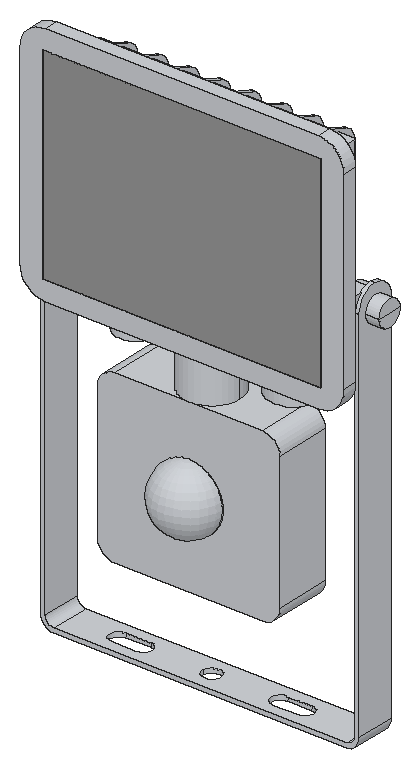
Revit family "0047119", category Lighting Fixtures, Revit 2017
Family settings
  Round Connector Dimension = Use Diameter
  Part Type = Normal
  OmniClass Number = 23.80.70.00
  OmniClass Title = Lighting
  Work Plane-Based = No
  Always vertical = Yes
  Cut with Voids When Loaded = No
  Light Source = Yes
  Shared = No
  Room Calculation Point = No
Parameters (values of type "0047119 SYLFLOOD IP54 PIR 2000LM 840 BLACK")
  Weight = "2.85 kg"
  Wattage = 19 W
  WarrantyStartDate [instance] = "n/a"
  WarrantyGuarantorParts = "n/a"
  WarrantyDurationUnit = "n/a"
  WarrantyDurationParts = "n/a"
  WarrantyDescription = "n/a"
  built-in parameter 1150110 = 1 (stored number, unit not read)
  Voltage = 0 V
  URL = "http://www.sylvania-lighting.com"
  TypeName = "SylFlood IP54 PIR 2000LM 840 Black"
  built-in parameter 1114217 = 1 (stored number, unit not read)
  Tilt Angle = 0.00°
  built-in parameter 1150109 = 1 (stored number, unit not read)
  built-in parameter 1150134 = 12
  built-in parameter 1150113 = 1 (stored number, unit not read)
  SerialNumber [instance] = "n/a"
  PowerFactor = 0.9
  PowerConsumption = "19.0 W"
  Photometric Web File = "0047119.ies"
  NominalWidth = 0 mm
  NominalLength = 190 mm
  NominalHeight = 52 mm
  Name = "SylFlood IP54 PIR 2000LM 840 Black"
  ModelReference = "SylFlood IP54 PIR 2000LM 840 Black"
  ModelNumber = "0047119"
  Model = "SylFlood IP54 PIR 2000LM 840 Black"
  Material_4_FEILO = none
  Material_3_FEILO = none
  Material_2_FEILO = Default New Material
  Material_1_FEILO = none
  Material = "n/a"
  ManufacturerName = "Feilo Sylvania"
  Manufacturer = "Feilo Sylvania"
  LuminousEfficacy = "105 lm/W"
  Lumens = 1995 lm
  LuminaireType = ""
  built-in parameter 1150115 = 1 (stored number, unit not read)
  built-in parameter 1150105 = -1551312 (stored number, unit not read)
  LightOutputRatio = "n/a"
  built-in parameter 1150137 = (empty or 0)
  built-in parameter 1150139 = (empty or 0)
  LampsType = "LED"
  LampNominalLuminous = "2000 lm"
  LampMacAdamStep = "5"
  LampColourTemperature = "4000 K"
  LampColourRenderingIndex = "80"
  built-in parameter 1150112 = 1 (stored number, unit not read)
  built-in parameter 1150114 = 1 (stored number, unit not read)
  Lamp = "LED"
  LUM_WIDTH_SYL = 57 mm  # constant formula
  LUM_HEIGHT_SYL = 43 mm  # constant formula
  LUM_EXTR_ST_SYL = -5 mm
  LUM_EXTR_END_SYL = 0 mm
  LUM_DEPTH_SYL = 28 mm
  Keynote = "16500"
  InstallationDate [instance] = "n/a"
  InputVoltage = "n/a"
  InputNominalFrequency = "n/a"
  built-in parameter 1150132 = 2
  built-in parameter 1150102 = (empty or 0)
  built-in parameter 1150138 = (empty or 0)
  built-in parameter 1150107 = 4000 (stored number, unit not read)
  IngressProtection = "IP54"
  ImpactProtectionIndex = "IK06"
  built-in parameter 1150106 = -15513.1 (stored number, unit not read)
  IfcExportType = "IfcLightFixtureType"
  IfcExportAs = "IfcLightFixtureType"
  ElectricShockClassification = "Class I"
  built-in parameter 1150104 = 9.7548 (stored number, unit not read)
  DocumentationLiterature = "http://www.sylvania-lighting.com/product/en-int/products/0047119"
  DimmingControlOptions = "n/a"
  Dimming Lamp Color Temperature Shift = <None>
  DIF_WIDTH_SYL = 49 mm  # constant formula
  DIF_HEIGHT_SYL = 36 mm  # constant formula
  CreatedOn = "44168"
  CreatedBy = "@sylvania-lighting.com"
  Color Filter = 16777215
  ClassificationValue = "EF_70_80"
  ClassificationName = "Uniclass2015"
  CABLE_SIDE_DIST_SYL = 28.5 mm
  CABLE_LENGTH_SYL = 5 mm
  CABLE_FRONT_DIST_SYL = 17.5 mm
  CABLES_DIST_SYL = 56 mm
  BarCode [instance] = "n/a"
  built-in parameter 1114218 = 1 (stored number, unit not read)
  B_RAIL_R_DIST_SYL = 7 mm
  B_RAIL_HEIGHT_SYL = 27 mm
  B_RAIL_DEPTH_SYL = 44 mm
  B_RAIL_CHAMFER_SYL = 7 mm
  BRACKET_HOLDER_WIDTH_SYL = 12 mm
  BRACKET_HOLDER_HEIGHT_SYL = 17 mm
  BRACKET_HOLDER_DIST_SIDE_SYL = 2.8 mm
  BRACKET_HOLDER_DIST_BOTT_SYL = 22 mm
  BRACKET_HOLDER_DEPTH_SYL = 5.7 mm
  BOX_WIDTH_SYL = 45.5 mm
  BOX_TOP_DIST_SYL = 10.5 mm
  BOX_DEPTH_SYL = 14 mm
  BOX_BOTT_DIST_SYL = 28 mm
  BACK_RAIL_WIDTH_SYL = 1.4 mm
  BACK_RAIL_SIDE_DIST_SYL = 18 mm
  BACK_PL_EXTR_ST_SYL = -6 mm
  BACK_PL_EXTR_ST(-1)_SYL = BACK_PL_EXTR_ST_SYL * (-1)  # 6 mm
  BACK_PL_EXTR_END_SYL = -3 mm
  BACK_PL_EXTR_END(-1)_SYL = BACK_PL_EXTR_END_SYL * (-1)  # 3 mm
  built-in parameter 1150133 = 10 (stored number, unit not read)
  AssetType = "Fixed"
  AssetIdentifier [instance] = "n/a"
  Assembly Code = "D5020200"
  Apparent Load = 19 VA
  0_18W_SYL = yes
Types (4, lengths in mm): name | TypeName | built-in parameter 1150134 | Photometric Web File | Name | ModelReference | ModelNumber | Model | LuminousEfficacy | Lumens | built-in parameter 1150105 | LampNominalLuminous | LampColourTemperature | built-in parameter 1150107 | built-in parameter 1150106 | built-in parameter 1150104 | DocumentationLiterature
  0047121 SYLFLOOD IP54 PIR 2000LM 840 WHITE | "SylFlood IP54 PIR 2000LM 840 White" | 12 | "0047121.ies" | "SylFlood IP54 PIR 2000LM 840 White" | "SylFlood IP54 PIR 2000LM 840 White" | "0047121" | "SylFlood IP54 PIR 2000LM 840 White" | "105 lm/W" | 1995 lm | -1551312 (stored number, unit not read) | "2000 lm" | "4000 K" | 4000 (stored number, unit not read) | -15513.1 (stored number, unit not read) | 9.7548 (stored number, unit not read) | "http://www.sylvania-lighting.com/product/en-int/products/0047121"
  0047120 SYLFLOOD IP54 PIR 1850LM 830 WHITE | "SylFlood IP54 PIR 1850LM 830 White" | (empty or 0) | "0047120.ies" | "SylFlood IP54 PIR 1850LM 830 White" | "SylFlood IP54 PIR 1850LM 830 White" | "0047120" | "SylFlood IP54 PIR 1850LM 830 White" | "97 lm/W" | 1843 lm | -1325633 (stored number, unit not read) | "1850 lm" | "3000 K" | 3000 (stored number, unit not read) | -13256.3 (stored number, unit not read) | 9.0116 (stored number, unit not read) | "http://www.sylvania-lighting.com/product/en-int/products/0047120"
  0047119 SYLFLOOD IP54 PIR 2000LM 840 BLACK | "SylFlood IP54 PIR 2000LM 840 Black" | 12 | "0047119.ies" | "SylFlood IP54 PIR 2000LM 840 Black" | "SylFlood IP54 PIR 2000LM 840 Black" | "0047119" | "SylFlood IP54 PIR 2000LM 840 Black" | "105 lm/W" | 1995 lm | -1551312 (stored number, unit not read) | "2000 lm" | "4000 K" | 4000 (stored number, unit not read) | -15513.1 (stored number, unit not read) | 9.7548 (stored number, unit not read) | "http://www.sylvania-lighting.com/product/en-int/products/0047119"
  0047118 SYLFLOOD IP54 PIR 1850LM 830 BLACK | "SylFlood IP54 PIR 1850LM 830 Black" | (empty or 0) | "0047118.ies" | "SylFlood IP54 PIR 1850LM 830 Black" | "SylFlood IP54 PIR 1850LM 830 Black" | "0047118" | "SylFlood IP54 PIR 1850LM 830 Black" | "97 lm/W" | 1843 lm | -1325633 (stored number, unit not read) | "1850 lm" | "3000 K" | 3000 (stored number, unit not read) | -13256.3 (stored number, unit not read) | 9.0116 (stored number, unit not read) | "http://www.sylvania-lighting.com/product/en-int/products/0047118"
Reference planes
  plane 1 "Light Source Axis (F/B)": y = 0
  plane 2: z = 0
  plane 3 "Light Source Axis (L/R)": x = 0
  plane 4 "Light Source Elevation": z = -0.469
  plane 5: x = 57
  plane 6: x = -57
  plane 7: z = 43
  plane 8: z = -43
  plane 9: x = 49
  plane 10: x = -49
  plane 11: z = 36
  plane 12: z = -36
  plane 13: y = 6
  plane 14: y = 3
  plane 15: x = -45.5
  plane 16: x = 45.5
  plane 17: y = 20
  plane 18: z = 32.5
  plane 19: z = -15
  plane 20: y = 28
  plane 21: z = -21
  plane 22: z = -9
  plane 23: y = 21
  plane 24: x = 54.2
  plane 25: x = 39.5
  plane 26: x = 28.5
  plane 27: x = -27.5
  plane 28: y = 14
  plane 29: z = -38
  plane 30: y = 27
  plane 31: z = 29
  plane 32: z = 22
  plane 33: x = 39
  plane 34: x = 37.6
  plane 35: x = 30.6
  plane 36: x = 20.8
  plane 37: x = 13.8
  plane 38: x = 12.4
  plane 39: x = 5.4
  plane 40: x = 4
  plane 41: z = -50.4
Forms (mm)
  Extrusion 1, solid
    sketch origin (0, 0, 0) x (1, 0, 0) y (0, 0, 1)
      loop
        arc (-48, 43) -> (-54.364, 40.364) -> (-57, 34) r 9
        line (-57, 34) -> (-57, -34)
        arc (-57, -34) -> (-54.364, -40.364) -> (-48, -43) r 9
        line (-48, -43) -> (48, -43)
        arc (48, -43) -> (54.364, -40.364) -> (57, -34) r 9
        line (57, -34) -> (57, 34)
        arc (57, 34) -> (54.364, 40.364) -> (48, 43) r 9
        line (48, 43) -> (-48, 43)
      loop
        line (-49, 36) -> (-49, -36) -> (49, -36) -> (49, 36) -> (-49, 36)
    from -5 <- "LUM_EXTR_ST_SYL" to 0 <- "LUM_EXTR_END_SYL"
  Extrusion 2, solid, material "Default New Material" <- "Material_2_FEILO"
    sketch origin (0, 0, 0) x (1, 0, 0) y (0, 0, 1)
      loop
        line (-49, 36) -> (-49, -36) -> (49, -36) -> (49, 36) -> (-49, 36)
    from -3 <- "BACK_PL_EXTR_END_SYL" to 0 <- "LUM_EXTR_END_SYL"
  Extrusion 3, solid
    sketch origin (0, 0, 0) x (1, 0, 0) y (0, 0, 1)
      loop
        line (49, 36) -> (-49, 36) -> (-49, -36) -> (49, -36) -> (49, 36)
    from -6 <- "BACK_PL_EXTR_ST_SYL" to -3 <- "BACK_PL_EXTR_END_SYL"
  Extrusion 4, solid
    sketch origin (0, 0, 0) x (1, 0, 0) y (0, 1, 0)
      loop
        arc (-44.5, 20) -> (-45.207, 19.707) -> (-45.5, 19) r 1
        line (-45.5, 19) -> (-45.5, 6) -> (45.5, 6) -> (45.5, 19)
        arc (45.5, 19) -> (45.207, 19.707) -> (44.5, 20) r 1
        line (44.5, 20) -> (-44.5, 20)
    from -15 to 32.5
  Extrusion 5, solid
    sketch origin (0, 0, 0) x (1, 0, 0) y (0, 1, 0)
      loop
        arc (-31.5, 28) -> (-41.399, 23.899) -> (-45.5, 14) r 14
        line (-45.5, 14) -> (-45.5, 6) -> (45.5, 6) -> (45.5, 14)
        arc (45.5, 14) -> (41.399, 23.899) -> (31.5, 28) r 14
        line (31.5, 28) -> (-31.5, 28)
    from -36 to -15
  Extrusion 6, solid
    sketch origin (0, 0, 0) x (0, 1, 0) y (0, 0, 1)
      loop
        line (5, -9) -> (5, -21) -> (15, -21)
        arc (15, -21) -> (19.243, -19.243) -> (21, -15) r 6
        arc (21, -15) -> (19.243, -10.757) -> (15, -9) r 6
        line (15, -9) -> (5, -9)
      loop
        circle (15, -15) r 2.5
    from 49 to 54.502
  Extrusion 7, solid
    sketch origin (0, 0, 0) x (1, 0, 0) y (0, 1, 0)
      loop
        circle (-27.5, 14) r 7
      loop
        circle (28.5, 14) r 9
    from -50.4 to -36
  Extrusion 8, solid
    sketch origin (1.583, 5.639, -10.469) x (0, 1, 0) y (0, 0, -1)
      loop
        line (-0.625, 4.531) -> (-0.625, -22) -> (-0.625, -49.48) -> (18.047, -42.313)
        arc (18.047, -42.313) -> (20.09, -40.922) -> (21.299, -38.767) r 5.397
        line (21.299, -38.767) -> (21.299, 4.531) -> (-0.625, 4.531)
    from -37.417 to -36.017
  Extrusion 9, solid
    sketch origin (0, 0, 0) x (0, 1, 0) y (0, 0, -1)
      loop
        line (5, 9) -> (15, 9)
        arc (15, 9) -> (19.243, 10.757) -> (21, 15) r 6
        arc (21, 15) -> (19.243, 19.243) -> (15, 21) r 6
        line (15, 21) -> (5, 21) -> (5, 9)
      loop
        circle (15, 15) r 2.5
    from 49 to 54.502
  Extrusion 10, solid
    sketch origin (-1.583, 5.639, -10.469) x (0, 1, 0) y (0, 0, 1)
      loop
        line (-0.625, -4.531) -> (21.299, -4.531) -> (21.299, 38.767)
        arc (21.299, 38.767) -> (20.09, 40.922) -> (18.047, 42.313) r 5.397
        line (18.047, 42.313) -> (-0.625, 49.48) -> (-0.625, 22) -> (-0.625, -4.531)
    from -37.417 to -36.017
  Extrusion 11, solid
    sketch origin (-75.017, 5.639, -10.469) x (0, 1, 0) y (0, 0, -1)
      loop
        line (-0.625, 4.531) -> (-0.625, -22) -> (-0.625, -49.48) -> (18.047, -42.313)
        arc (18.047, -42.313) -> (20.09, -40.922) -> (21.299, -38.767) r 5.397
        line (21.299, -38.767) -> (21.299, 4.531) -> (-0.625, 4.531)
    from -37.417 to -36.017
  Extrusion 12, solid
    sketch origin (-9.36, 5.639, -10.469) x (0, 1, 0) y (0, 0, -1)
      loop
        line (-0.625, 4.531) -> (-0.625, -22) -> (-0.625, -49.48) -> (18.047, -42.313)
        arc (18.047, -42.313) -> (20.09, -40.922) -> (21.299, -38.767) r 5.397
        line (21.299, -38.767) -> (21.299, 4.531) -> (-0.625, 4.531)
    from -37.417 to -36.017
  Extrusion 13, solid
    sketch origin (-20.302, 5.639, -10.469) x (0, 1, 0) y (0, 0, -1)
      loop
        line (-0.625, 4.531) -> (-0.625, -22) -> (-0.625, -49.48) -> (18.047, -42.313)
        arc (18.047, -42.313) -> (20.09, -40.922) -> (21.299, -38.767) r 5.397
        line (21.299, -38.767) -> (21.299, 4.531) -> (-0.625, 4.531)
    from -37.417 to -36.017
  Extrusion 14, solid
    sketch origin (-31.245, 5.639, -10.469) x (0, 1, 0) y (0, 0, -1)
      loop
        line (-0.625, 4.531) -> (-0.625, -22) -> (-0.625, -49.48) -> (18.047, -42.313)
        arc (18.047, -42.313) -> (20.09, -40.922) -> (21.299, -38.767) r 5.397
        line (21.299, -38.767) -> (21.299, 4.531) -> (-0.625, 4.531)
    from -37.417 to -36.017
  Extrusion 15, solid
    sketch origin (-42.188, 5.639, -10.469) x (0, 1, 0) y (0, 0, -1)
      loop
        line (-0.625, 4.531) -> (-0.625, -22) -> (-0.625, -49.48) -> (18.047, -42.313)
        arc (18.047, -42.313) -> (20.09, -40.922) -> (21.299, -38.767) r 5.397
        line (21.299, -38.767) -> (21.299, 4.531) -> (-0.625, 4.531)
    from -37.417 to -36.017
  Extrusion 16, solid
    sketch origin (-53.131, 5.639, -10.469) x (0, 1, 0) y (0, 0, -1)
      loop
        line (-0.625, 4.531) -> (-0.625, -22) -> (-0.625, -49.48) -> (18.047, -42.313)
        arc (18.047, -42.313) -> (20.09, -40.922) -> (21.299, -38.767) r 5.397
        line (21.299, -38.767) -> (21.299, 4.531) -> (-0.625, 4.531)
    from -37.417 to -36.017
  Extrusion 17, solid
    sketch origin (-64.074, 5.639, -10.469) x (0, 1, 0) y (0, 0, -1)
      loop
        line (-0.625, 4.531) -> (-0.625, -22) -> (-0.625, -49.48) -> (18.047, -42.313)
        arc (18.047, -42.313) -> (20.09, -40.922) -> (21.299, -38.767) r 5.397
        line (21.299, -38.767) -> (21.299, 4.531) -> (-0.625, 4.531)
    from -37.417 to -36.017
Cuts and joins
  joined: Extrusion 1, Extrusion 3, Extrusion 4, Extrusion 5
Dimensions and locks
  "LUM_WIDTH_SYL": plane 5 to plane 3 "Light Source Axis (L/R)" to plane 6
  "LUM_HEIGHT_SYL": plane 7 to plane 2 to plane 8
  "DIF_WIDTH_SYL": plane 9 to plane 3 "Light Source Axis (L/R)" to plane 10
  "DIF_HEIGHT_SYL": plane 11 to plane 2 to plane 12
  "BACK_PL_EXTR_ST(-1)_SYL": plane 1 "Light Source Axis (F/B)" to plane 13
  "BACK_PL_EXTR_END(-1)_SYL": plane 1 "Light Source Axis (F/B)" to plane 14
  "BOX_WIDTH_SYL": plane 15 to plane 3 "Light Source Axis (L/R)" to plane 16
  "BOX_DEPTH_SYL": plane 13 to plane 17
  "BOX_TOP_DIST_SYL": plane 18 to plane 7
  "BOX_BOTT_DIST_SYL": plane 8 to plane 19
  "LUM_DEPTH_SYL": plane 1 "Light Source Axis (F/B)" to plane 20
  "BRACKET_HOLDER_DIST_BOTT_SYL": plane 21 to plane 8
  "BRACKET_HOLDER_WIDTH_SYL": plane 22 to plane 21
  cut or joined group of Extrusion 1, Extrusion 3, Extrusion 4, Extrusion 5 to plane 23 = 15 mm
  locked: cut or joined group of Extrusion 1, Extrusion 3, Extrusion 4, Extrusion 5 to plane 24 at 2.8
  plane 25 to plane 24 = 14.7 mm
  "CABLES_DIST_SYL": plane 27 to plane 26
  "CABLE_SIDE_DIST_SYL": plane 26 to plane 5
  cut or joined group of Extrusion 1, Extrusion 3, Extrusion 4, Extrusion 5 to plane 28 = 14 mm
  locked: cut or joined group of Extrusion 1, Extrusion 3, Extrusion 4, Extrusion 5 to plane 29 at 5
  "B_RAIL_HEIGHT_SYL": plane 30 to plane 1 "Light Source Axis (F/B)"
  "B_RAIL_DEPTH_SYL": plane 31 to plane 19
  "B_RAIL_CHAMFER_SYL": plane 31 to plane 32
  "BACK_RAIL_SIDE_DIST_SYL": plane 5 to plane 33
  "BACK_RAIL_WIDTH_SYL": plane 33 to plane 34
  "B_RAIL_R_DIST_SYL": plane 34 to plane 35
  "B_RAIL_R_DIST_SYL": plane 36 to plane 37
  "BACK_RAIL_WIDTH_SYL": plane 37 to plane 38
  "BACK_RAIL_WIDTH_SYL": plane 39 to plane 40
  "B_RAIL_R_DIST_SYL": plane 38 to plane 39
  plane 35 to plane 26 = 2.1 mm
  equal spacing: group 2, group 8, group 7, group 6, group 5, group 4, group 3, group 1
  equal spacing: group 1, group 3, group 4, group 5, group 6, group 7, group 8, group 2  (x2)
  aligned and locked: plane 4 "Light Source Elevation" to imposter light
  aligned and locked: level to plane 2
  aligned and locked: Extrusion 1 sketch curve to plane 7
  aligned and locked: plane 6 to Extrusion 1 sketch curve
  aligned and locked: plane 8 to Extrusion 1 sketch curve
  aligned and locked: Extrusion 1 sketch curve to plane 5
  aligned and locked: Extrusion 1 sketch curve to plane 11
  aligned and locked: plane 10 to Extrusion 1 sketch curve
  aligned and locked: plane 12 to Extrusion 1 sketch curve
  aligned and locked: Extrusion 1 sketch curve to plane 9
  aligned and locked: Extrusion 2 sketch curve to Extrusion 1  (x4)
  aligned and locked: Extrusion 3 sketch curve to Extrusion 1  (x4)
  aligned and locked: Extrusion 3 to Extrusion 2
  aligned and locked: plane 17 to Extrusion 4 sketch curve
  aligned and locked: plane 15 to Extrusion 4 sketch curve
  aligned and locked: Extrusion 4 sketch curve to plane 13
  aligned and locked: Extrusion 4 sketch curve to plane 16
  aligned and locked: plane 18 to Extrusion 4
  aligned and locked: Extrusion 4 to plane 19
  aligned and locked: plane 20 to Extrusion 5 sketch curve
  aligned and locked: plane 15 to Extrusion 5 sketch curve
  aligned and locked: cut or joined group of Extrusion 1, Extrusion 3, Extrusion 4, Extrusion 5 to Extrusion 5 sketch curve
  aligned and locked: Extrusion 5 sketch curve to cut or joined group of Extrusion 1, Extrusion 3, Extrusion 4, Extrusion 5
  aligned and locked: plane 19 to Extrusion 5
  aligned and locked: Extrusion 5 to plane 12
  aligned and locked: Extrusion 6 sketch curve to plane 22
  aligned and locked: plane 21 to Extrusion 6 sketch curve
  aligned and locked: Extrusion 7 to Extrusion 2
  aligned and locked: Extrusion 6 to cut or joined group of Extrusion 1, Extrusion 3, Extrusion 4, Extrusion 5
  aligned and locked: plane 33 to Extrusion 8
  aligned and locked: Extrusion 8 to plane 34
  aligned and locked: Extrusion 7 to plane 41
Automatic sketch dimensions
  plane 10 to Extrusion 1 sketch curve = 1 mm  (x2)
  Extrusion 1 sketch curve to plane 25 = 8.5 mm  (x2)
  plane 15 to Extrusion 4 sketch curve = 1 mm
  Extrusion 4 sketch curve to plane 16 = 1 mm
  Extrusion 5 sketch curve to plane 15 = 0 mm
  Extrusion 5 sketch curve to plane 28 = 0 mm  (x2)
  Extrusion 6 sketch curve to Extrusion 6 sketch curve = 0 mm  (x5)
  Extrusion 6 sketch curve to plane 23 = 0 mm
  plane 13 to Extrusion 6 sketch curve = 1 mm
  Extrusion 7 sketch curve to plane 27 = 0 mm
  Extrusion 7 sketch curve to plane 26 = 0 mm
  Extrusion 7 sketch curve to plane 28 = 0 mm  (x2)
  Extrusion 9 sketch curve to Extrusion 9 sketch curve = 0 mm  (x6)
  Extrusion 9 sketch curve to plane 21 = 0 mm
  Extrusion 9 sketch curve to plane 22 = 0 mm
  Extrusion 9 sketch curve to plane 23 = 0 mm
  plane 13 to Extrusion 9 sketch curve = 1 mm
  Extrusion 10 sketch curve to plane 19 = 0 mm
  plane 13 to Extrusion 10 sketch curve = 0.986 mm
  Extrusion 10 sketch curve to plane 23 = 0.751 mm
  Extrusion 10 sketch curve to plane 18 = 0.656 mm
  Extrusion 10 sketch curve to plane 23 = 2.685 mm
  plane 30 to Extrusion 10 sketch curve = 0.062 mm
  Extrusion 10 sketch curve to plane 32 = 10.469 mm
  Extrusion 10 sketch curve to plane 31 = 2.195 mm
  Extrusion 8 sketch curve to Extrusion 8 sketch curve = 16.737 mm
  Extrusion 8 sketch curve to Extrusion 8 sketch curve = 1.934 mm
  Extrusion 8 sketch curve to Extrusion 8 sketch curve = 21.924 mm
  Extrusion 8 sketch curve to Extrusion 8 sketch curve = 7.167 mm
  Extrusion 8 sketch curve to Extrusion 8 sketch curve = 15.274 mm
  Extrusion 8 sketch curve to Extrusion 8 sketch curve = 26.531 mm
  Extrusion 11 sketch curve to Extrusion 11 sketch curve = 16.737 mm
  Extrusion 11 sketch curve to Extrusion 11 sketch curve = 1.934 mm
  Extrusion 11 sketch curve to Extrusion 11 sketch curve = 21.924 mm
  Extrusion 11 sketch curve to Extrusion 11 sketch curve = 7.167 mm
  Extrusion 11 sketch curve to Extrusion 11 sketch curve = 15.274 mm
  Extrusion 11 sketch curve to Extrusion 11 sketch curve = 26.531 mm
  Extrusion 12 sketch curve to Extrusion 12 sketch curve = 16.737 mm
  Extrusion 12 sketch curve to Extrusion 12 sketch curve = 1.934 mm
  Extrusion 12 sketch curve to Extrusion 12 sketch curve = 21.924 mm
  Extrusion 12 sketch curve to Extrusion 12 sketch curve = 7.167 mm
  Extrusion 12 sketch curve to Extrusion 12 sketch curve = 15.274 mm
  Extrusion 12 sketch curve to Extrusion 12 sketch curve = 26.531 mm
  Extrusion 13 sketch curve to Extrusion 13 sketch curve = 16.737 mm
  Extrusion 13 sketch curve to Extrusion 13 sketch curve = 1.934 mm
  Extrusion 13 sketch curve to Extrusion 13 sketch curve = 21.924 mm
  Extrusion 13 sketch curve to Extrusion 13 sketch curve = 7.167 mm
  Extrusion 13 sketch curve to Extrusion 13 sketch curve = 15.274 mm
  Extrusion 13 sketch curve to Extrusion 13 sketch curve = 26.531 mm
  Extrusion 14 sketch curve to Extrusion 14 sketch curve = 16.737 mm
  Extrusion 14 sketch curve to Extrusion 14 sketch curve = 1.934 mm
  Extrusion 14 sketch curve to Extrusion 14 sketch curve = 21.924 mm
  Extrusion 14 sketch curve to Extrusion 14 sketch curve = 7.167 mm
  Extrusion 14 sketch curve to Extrusion 14 sketch curve = 15.274 mm
  Extrusion 14 sketch curve to Extrusion 14 sketch curve = 26.531 mm
  Extrusion 15 sketch curve to Extrusion 15 sketch curve = 16.737 mm
  Extrusion 15 sketch curve to Extrusion 15 sketch curve = 1.934 mm
  Extrusion 15 sketch curve to Extrusion 15 sketch curve = 21.924 mm
  Extrusion 15 sketch curve to Extrusion 15 sketch curve = 7.167 mm
  Extrusion 15 sketch curve to Extrusion 15 sketch curve = 15.274 mm
  Extrusion 15 sketch curve to Extrusion 15 sketch curve = 26.531 mm
  Extrusion 16 sketch curve to Extrusion 16 sketch curve = 16.737 mm
  Extrusion 16 sketch curve to Extrusion 16 sketch curve = 1.934 mm
  Extrusion 16 sketch curve to Extrusion 16 sketch curve = 21.924 mm
  Extrusion 16 sketch curve to Extrusion 16 sketch curve = 7.167 mm
  Extrusion 16 sketch curve to Extrusion 16 sketch curve = 15.274 mm
  Extrusion 16 sketch curve to Extrusion 16 sketch curve = 26.531 mm
  Extrusion 17 sketch curve to Extrusion 17 sketch curve = 16.737 mm
  Extrusion 17 sketch curve to Extrusion 17 sketch curve = 1.934 mm
  Extrusion 17 sketch curve to Extrusion 17 sketch curve = 21.924 mm
  Extrusion 17 sketch curve to Extrusion 17 sketch curve = 7.167 mm
  Extrusion 17 sketch curve to Extrusion 17 sketch curve = 15.274 mm
  Extrusion 17 sketch curve to Extrusion 17 sketch curve = 26.531 mm
  radius of Extrusion 6 sketch curve = 2.5 mm
  radius of Extrusion 7 sketch curve = 7 mm
  radius of Extrusion 7 sketch curve = 9 mm
  radius of Extrusion 9 sketch curve = 2.5 mm
Nested families
  nested 1: "START Flood Flat - 18W_bracket - PIR" at (-1.504, 15, -114.589), type "START Flood Flat - 18W_bracket - PIR"
  nested 2: "PIR" at (0, 2.977, -89.01) x (-1, 0, 0) z (0, 0, 1), type "PIR"
  nested 3: "bolt" at (55.996, 15, -15), type "bolt"
  nested 4: "bolt" at (-56.004, 15, -15) x (-1, 0, 0) z (0, 0, 1), type "bolt"
Definition of nested family "START Flood Flat - 18W_bracket - PIR"
  Parameters (values of type "START Flood Flat - 18W_bracket - PIR")
    WIDTH_SYL = 112 mm
    WIDTH/2_SYL = WIDTH_SYL / 2  # 56 mm
    THICKNESS_SYL = 1.5 mm
    Material_4_SYL = none
    Material_3_SYL = none
    Material_2_SYL = none
    Material_1_SYL = none
    HOLE_DIST_SYL = 8.5 mm
    HOLE2_DIST_SYL = 8 mm
    HEIGHT_SYL = 145 mm
    FILLET_SYL = 7 mm
    DEPTH_2_SYL = -7 mm
    DEPTH_1_SYL = 7 mm
    CUTOUT_DIST_SYL = 24.2 mm
  Reference planes
    plane 1 "Center (Front/Back)": y = 0
    plane 2: z = 0
    plane 3 "Center (Left/Right)": x = 0
    plane 4: x = -54.5
    plane 5: x = 57.5
    plane 6: z = -37.5
    plane 7: z = 107.5
    plane 8: x = -53
    plane 9: z = -36
    plane 10: x = 56
    plane 11: z = 99.5
    plane 12: z = 100.5
    plane 13: x = 24.2
    plane 14: x = -24.2
    plane 15: x = 32.7
    plane 16: x = -32.7
  Forms (mm)
    Extrusion 1, solid
      sketch origin (0, 0, 0) x (1, 0, 0) y (0, 0, 1)
        loop
          arc (-54.5, -33) -> (-53.182, -36.182) -> (-50, -37.5) r 4.5
          line (-50, -37.5) -> (53, -37.5)
          arc (53, -37.5) -> (56.182, -36.182) -> (57.5, -33) r 4.5
          line (57.5, -33) -> (57.5, 107.5) -> (56, 107.5) -> (56, -33)
          arc (56, -33) -> (55.121, -35.121) -> (53, -36) r 3
          line (53, -36) -> (-50, -36)
          arc (-50, -36) -> (-52.121, -35.121) -> (-53, -33) r 3
          line (-53, -33) -> (-53, 107.5) -> (-54.5, 107.5) -> (-54.5, -33)
      from -7 <- "DEPTH_2_SYL" to 7 <- "DEPTH_1_SYL"
    Extrusion 2, void
      sketch origin (0, 0, 0) x (0, 1, 0) y (0, 0, 1)
        loop
          circle (0, 99.5) r 3.15
      from -54.5 to 57.5
    Extrusion 3, void
      sketch origin (0, 0, 0) x (0, 1, 0) y (0, 0, 1)
        loop
          line (7, 100.5) -> (14.83, 113.08) -> (-15.17, 113.08) -> (-7, 100.5)
          arc (-7, 100.5) -> (-4.95, 105.45) -> (0, 107.5) r 7
          arc (0, 107.5) -> (4.95, 105.45) -> (7, 100.5) r 7
      from -54.5 to 57.5
    Extrusion 4, void
      sketch origin (0, 0, 0) x (1, 0, 0) y (0, 1, 0)
        loop
          circle (0, 0) r 3.25
        loop
          arc (-32.7, 3.25) -> (-35.95, 0) -> (-32.7, -3.25) r 3.25
          line (-32.7, -3.25) -> (-24.2, -3.25)
          arc (-24.2, -3.25) -> (-20.95, 0) -> (-24.2, 3.25) r 3.25
          line (-24.2, 3.25) -> (-32.7, 3.25)
        loop
          line (24.2, -3.25) -> (32.7, -3.25)
          arc (32.7, -3.25) -> (35.95, 0) -> (32.7, 3.25) r 3.25
          line (32.7, 3.25) -> (24.2, 3.25)
          arc (24.2, 3.25) -> (20.95, 0) -> (24.2, -3.25) r 3.25
      from -54.767 to -28.006
  Cuts and joins
    Extrusion 2, Extrusion 3, Extrusion 4 cuts Extrusion 1
  Dimensions and locks
    "THICKNESS_SYL": plane 8 to plane 4
    "THICKNESS_SYL": plane 5 to plane 10
    "WIDTH_SYL": plane 5 to plane 4
    "HEIGHT_SYL": plane 7 to plane 6
    "FILLET_SYL": plane 7 to plane 12
    "CUTOUT_DIST_SYL": plane 14 to plane 3 "Center (Left/Right)" to plane 13
    "HOLE_DIST_SYL": plane 16 to plane 14
    "HOLE_DIST_SYL": plane 13 to plane 15
    "HOLE2_DIST_SYL": plane 7 to plane 11
    "WIDTH/2_SYL": plane 3 "Center (Left/Right)" to plane 10
    aligned and locked: level to plane 2
    aligned and locked: plane 4 to Extrusion 1 sketch curve
    aligned and locked: plane 6 to Extrusion 1 sketch curve
    aligned and locked: Extrusion 1 sketch curve to plane 5
    aligned and locked: plane 8 to Extrusion 1 sketch curve
    aligned and locked: plane 9 to Extrusion 1 sketch curve
    aligned and locked: Extrusion 1 sketch curve to plane 10
    aligned and locked: plane 7 to Extrusion 1 sketch curve  (x2)
    aligned and locked: Extrusion 1 to Extrusion 2  (x2)
    aligned and locked: Extrusion 1 to Extrusion 3
    aligned and locked: Extrusion 3 to Extrusion 1
  Automatic sketch dimensions
    Extrusion 1 sketch curve to Extrusion 1 sketch curve = 0 mm
    plane 8 to Extrusion 1 sketch curve = 3 mm
    Extrusion 1 sketch curve to plane 10 = 3 mm
    Extrusion 1 sketch curve to Extrusion 1 sketch curve = 3 mm
    Extrusion 2 sketch curve to plane 1 "Center (Front/Back)" = 0 mm
    Extrusion 2 sketch curve to plane 11 = 0 mm
    Extrusion 3 sketch curve to Extrusion 3 sketch curve = 0 mm
    Extrusion 3 sketch curve to plane 12 = 0 mm
    Extrusion 3 sketch curve to plane 1 "Center (Front/Back)" = 0 mm
    Extrusion 3 sketch curve to plane 7 = 0 mm
    Extrusion 3 sketch curve to Extrusion 3 sketch curve = 8.17 mm
    plane 7 to Extrusion 3 sketch curve = 5.58 mm
    Extrusion 3 sketch curve to Extrusion 3 sketch curve = 7.83 mm
    plane 1 "Center (Front/Back)" to Extrusion 4 sketch curve = 0 mm  (x3)
    Extrusion 4 sketch curve to plane 16 = 0 mm
    Extrusion 4 sketch curve to plane 14 = 0 mm
    Extrusion 4 sketch curve to plane 3 "Center (Left/Right)" = 0 mm
    Extrusion 4 sketch curve to plane 13 = 0 mm
    Extrusion 4 sketch curve to plane 15 = 0 mm
    plane 1 "Center (Front/Back)" to Extrusion 4 sketch curve = 3.25 mm  (x2)
    radius of Extrusion 2 sketch curve = 3.15 mm
    radius of Extrusion 4 sketch curve = 3.25 mm
Definition of nested family "PIR"
  Parameters (values of type "PIR")
    Material_4_SYL = none
    Material_3_SYL = none
    Material_2_SYL = none
    Material_1_SYL = none
  Reference planes
    plane 1 "Center (Front/Back)": y = 0
    plane 2: z = 0
    plane 3 "Center (Left/Right)": x = 0
    plane 4: z = -30
    plane 5: z = 30
    plane 6: x = 32
    plane 7: x = -32
    plane 8: x = 12
    plane 9: z = 12
    plane 10: z = -12
    plane 11: z = 46
    plane 12: x = 10
    plane 13: y = -10
  Forms (mm)
    Extrusion 1, solid
      sketch origin (0, 0, 0) x (1, 0, 0) y (0, 0, 1)
        loop
          arc (-26, 30) -> (-30.243, 28.243) -> (-32, 24) r 6
          line (-32, 24) -> (-32, -24)
          arc (-32, -24) -> (-30.243, -28.243) -> (-26, -30) r 6
          line (-26, -30) -> (26, -30)
          arc (26, -30) -> (30.243, -28.243) -> (32, -24) r 6
          line (32, -24) -> (32, 24)
          arc (32, 24) -> (30.243, 28.243) -> (26, 30) r 6
          line (26, 30) -> (-26, 30)
      from 0 to 20
    Revolve 2, solid
      sketch origin (0, 0, 0) x (1, 0, 0) y (0, 0, 1)
        loop
          line (0, 12) -> (0, -12)
          arc (0, -12) -> (12, 0) -> (0, 12) r 12
        axis (0, 12) -> (0, -12)
      angle from 0 to 360
    Extrusion 3, solid
      sketch origin (0, 0, 0) x (1, 0, 0) y (0, 1, 0)
        loop
          circle (0, -10) r 10
      from 30 to 46
  Dimensions and locks
    aligned and locked: level to plane 2
    aligned and locked: Extrusion 1 sketch curve to plane 5
    aligned and locked: plane 7 to Extrusion 1 sketch curve
    aligned and locked: plane 4 to Extrusion 1 sketch curve
    aligned and locked: Extrusion 1 sketch curve to plane 6
    aligned and locked: plane 3 "Center (Left/Right)" to Revolve 2 sketch curve
    aligned and locked: plane 10 to Revolve 2 sketch curve
    aligned and locked: Revolve 2 sketch curve to plane 3 "Center (Left/Right)"
    aligned and locked: plane 11 to Extrusion 3
    aligned and locked: Extrusion 3 to plane 5
Definition of nested family "bolt"
  Parameters (values of type "bolt")
    Material_4_SYL = none
    Material_3_SYL = none
    Material_2_SYL = none
    Material_1_SYL = none
  Reference planes
    plane 1 "Center (Front/Back)": y = 0
    plane 2: z = 0
    plane 3 "Center (Left/Right)": x = 0
    plane 4: x = 5
    plane 5: x = -10
    plane 6: y = 2.5
    plane 7: y = -2.5
    plane 8: y = 4.5
    plane 9: y = -4.5
  Forms (mm)
    Revolve 1, solid
      sketch origin (0, 0, 0) x (1, 0, 0) y (0, 1, 0)
        loop
          line (5, 0) -> (-10, 0) -> (-10, -2.5) -> (0, -2.5) -> (0, -4.5) -> (5, -4.5) -> (5, 0)
        axis (5, 0) -> (-10, 0)
      angle from 0 to 360
  Dimensions and locks
    aligned and locked: level to plane 2
